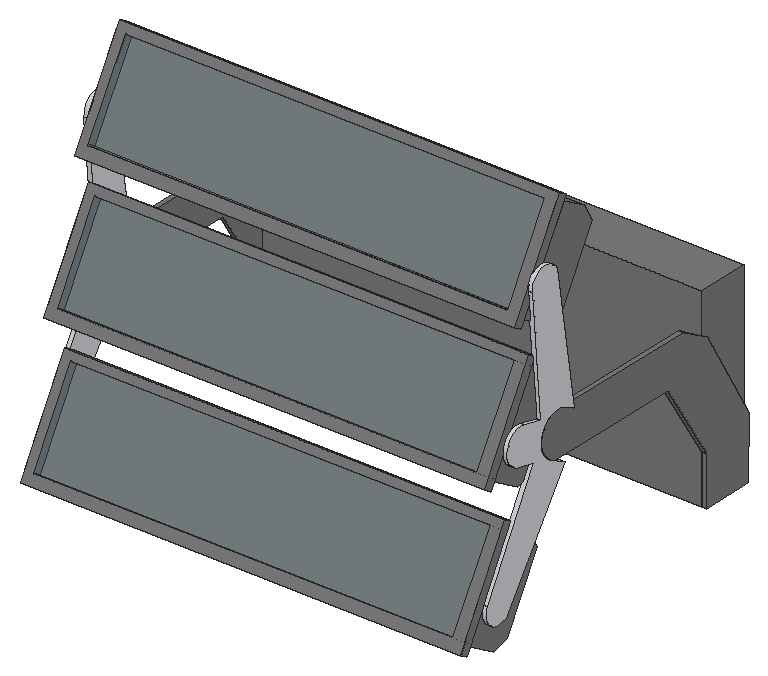
Revit family "Lighting-Proiezione-GEWISS-SPATIUMPRO3-PROIETTORI-LED_OTTICA-ASIMMETRICA_3MODULI", category Apparecchi per illuminazione, host Superficie, Revit 2019
Family settings
  Host = Superficie
  Quota connettore circolare = Usa diametro
  Tipo di parte = Normale
  Taglio con vuoti quando caricato = No
  Sorgente d'illuminazione = Sì
  Condiviso = Sì
  Punto di calcolo locali = Sì
Parameters (values of type "GWP3333AC857 - SPATIUM PRO 3M CL.I A2 CRI 80 5700K")
  larghezza lampada = Lugnezza massima - 24 mm  # 50 mm
  Wattage = 9.2903 W
  Viti esterne = "Acciaio inossidabile"
  Visibilità etichetta [instance] = yes
  Visibilità simbolo [instance] = yes
  Visibilità lampada in pianta [instance] = yes
  Versioni = "Luce fredda 5700K"
  Versione file RFA = "21.9"
  Variazione temperatura colore lampada con luminosità attenuata = (empty or 0)
  Vano di alimentazione = "Esterno"
  URL = "https://www.gewiss.com/it/it"
  Tolleranza cromatica = "SDCM = 5"
  Tipologia sorgente luminosa = "LED - Non sostituibile"
  Tipo di installazione e montaggio = "Torrefaro - Parete"
  Tipo di apparecchio = "Proiettore LED ad alta potenza"
  Tensione di alimentazione = "Secondo driver esterno"
  Temperatura di esercizio = "-25 +50 °C"
  Temperatura di colore = "5700 K"
  built-in parameter 1150107 = 3200 (stored number, unit not read)
  Superficie massima esposta al vento : = "0,36 m²"
  Spostamento_x_effettivo [instance] = 4000 mm - Spostamento_x  # 4000 mm
  Spostamento_x [instance] = 0 mm
  Spostamento_y_effettivo [instance] = 4000 mm - Spostamento_y  # 4000 mm
  Spostamento_y [instance] = 0 mm
  SostituibilitÃ  piastra di cablaggio = "Si"
  SostituibilitÃ  gruppo ottico = "Non disponibile"
  Sistema di controllo = "Secondo driver esterno"
  Schermo = "Vetro piano extrachiaro spessore 4mm"
  Scheda Tecnica = "https://www.gewiss.com/it/it/search?q=GWP3333AC857"
  Resistenza agli urti = "IK08"
  ROTAZIONE [instance] = 45
  Potenza di sistema = "1200 W"
  Peso (kg): = "30 "
  built-in parameter 1150110 = 1 (stored number, unit not read)
  built-in parameter 1150109 = 1 (stored number, unit not read)
  built-in parameter 1114218 = 1 (stored number, unit not read)
  built-in parameter 1150112 = 1 (stored number, unit not read)
  POSIZIONE = 80000  # constant formula
  Ottica = "Asimmetrica 60°"
  Norma di riferimento = "EN 60598-1; EN 60598-2-5; IEC/TR 62778; EN 62493"
  built-in parameter 1150142 = (empty or 0)
  built-in parameter 1150137 = (empty or 0)
  built-in parameter 1150132 = (empty or 0)
  Lumen output (lm) = "110000 "
  Lugnezza massima = 74 mm
  Default Elevation = 1219.2 mm
  Produttore = "GEWISS S.p.A."
  Modello = "GWP3333AC857"
  built-in parameter 1150105 = 109.82 (stored number, unit not read)
  built-in parameter 1150102 = (empty or 0)
  Indice di resa cromatica = "CRI 80"
  Inclinazione = "Rotazione su staffa con goniometro integrato"
  Immagine tipo = SPATIUMpro3.jpg
  built-in parameter 1150106 = 1.0982 (stored number, unit not read)
  IPEA = "GRANDI AREE = B // AREE VERDI = C"
  IDT = "4e21aac1-074c-4d31-a33b-02ce680b8879"
  IDF = "c7f285bc-60fc-4225-8b20-d1571106e39c"
  Guarnizioni = "silicone antinvecchiamento"
  Gruppo ottico = "lente T.I.R.Ex. in PMMA HT"
  Grado di protezione = "IP66"
  Garanzia = "5 anni"
  Frequenza nominale (Hz) = "Secondo driver esterno"
  Lumens = 1380 lm
  Fissaggio = "Staffa"
  Finitura colore = "Verniciato a polvere poliestere"
  Color Filter = 16777215
  File diagramma fotometrico = "generic"
  built-in parameter 1114217 = 1 (stored number, unit not read)
  built-in parameter 1150139 = (empty or 0)
  Failure rate alimentatore = "Secondo driver esterno"
  Emetti da lunghezza linea = 609.6 mm
  Efficienza luminosa (lm/W) = "92 "
  built-in parameter 1150104 = 13.8 (stored number, unit not read)
  Durata di vita = "L90B10(Tq25°C)>100.000h; L80B10(Tq25°C)>150.000h"
  Distanza dal host [instance] = 0 mm
  Dispositivo di protezione = "Secondo driver esterno"
  built-in parameter 1150115 = 1 (stored number, unit not read)
  built-in parameter 1150114 = 1 (stored number, unit not read)
  built-in parameter 1150113 = 1 (stored number, unit not read)
  Descrizione = "SPATIUM PRO 3M CL.I A2 CRI 80 5700K"
  Creato da GEWISS S.p.A. = ""
  Corpo = "Alluminio pressofuso"
  Controllo abbagliamento e luminanza = "ULOR = 0%"
  Contesto = "Illuminazione di grandi aree"
  built-in parameter 1150134 = 3
  built-in parameter 1150138 = (empty or 0)
  Colore = "Grigio grafite"
  Codice digitale univoco (Datamatrix) = "Attualmente non presente"
  Codice EAN = ""
  Classe isolamento = "I"
  Catalogo = "LIGHTING"
  Cablaggio = "Connettore stagno tra proiettore e gruppo alimentazione"
  COBie.Tagnumber = ""
  COBie.CreatedOn = ""
  COBie.CreatebBy = ""
  COBie.ComponentRegisterItemID = ""
  COBie.Component.TagNumber = ""
  COBie.Component.Space = ""
  COBie.Component.SerialNumber = ""
  COBie.Component.InstallationDate = ""
  COBie.Component.Description = ""
  COBie.Component.BarCode = ""
  Applicazione = "Interno / Esterno"
  Angolo inclinazione = 60.00°
  Alimentatore = "Da ordinare separatamente"
  built-in parameter 1150133 = 10 (stored number, unit not read)
Types (12, lengths in mm): name | Versioni | Temperatura di colore | Scheda Tecnica | Ottica | Lumen output (lm) | Modello | Indice di resa cromatica | IPEA | IDT | Efficienza luminosa (lm/W) | Descrizione
  GWP3333AB730 - SPATIUM PRO 3M CL.I A1 CRI 70 3000K | "Luce calda 3000K" | "3000 K" | "https://www.gewiss.com/it/it/search?q=GWP3333AB730" | "Asimmetrica 45°" | "130000 " | "GWP3333AB730" | "CRI70" | "GRANDI AREE = A+ // AREE VERDI = A" | "7f5e6446-d561-4a0f-8d2e-065c56652e4f" | "108 " | "SPATIUM PRO 3M CL.I A1 CRI 70 3000K"
  GWP3333AB740 - SPATIUM PRO 3M CL.I A1 CRI 70 4000K | "Luce naturale 4000K" | "4000 K" | "https://www.gewiss.com/it/it/search?q=GWP3333AB740" | "Asimmetrica 45°" | "138000 " | "GWP3333AB740" | "CRI70" | "GRANDI AREE = A++ // AREE VERDI = A" | "6bddb3c4-ed3b-4f19-9ebf-8780552e6242" | "115 " | "SPATIUM PRO 3M CL.I A1 CRI 70 4000K"
  GWP3333AB757 - SPATIUM PRO 3M CL.I A1 CRI 70 5700K | "Luce fredda 5700K" | "5700 K" | "https://www.gewiss.com/it/it/search?q=GWP3333AB757" | "Asimmetrica 45°" | "138000 " | "GWP3333AB757" | "CRI70" | "GRANDI AREE = A++ // AREE VERDI = A" | "7eb04ebd-2a07-4396-82ca-8aa8cd5ddb35" | "115 " | "SPATIUM PRO 3M CL.I A1 CRI 70 5700K"
  GWP3333AB830 - SPATIUM PRO 3M CL.I A1 CRI 80 3000K | "Luce calda 3000K" | "3000 K" | "https://www.gewiss.com/it/it/search?q=GWP3333AB830" | "Asimmetrica 45°" | "115000 " | "GWP3333AB830" | "CRI 80" | "GRANDI AREE = A // AREE VERDI = C" | "580c8b1d-7a49-4802-998e-b03b18c12617" | "96 " | "SPATIUM PRO 3M CL.I A1 CRI 80 3000K"
  GWP3333AB840 - SPATIUM PRO 3M CL.I A1 CRI 80 4000K | "Luce naturale 4000K" | "4000 K" | "https://www.gewiss.com/it/it/search?q=GWP3333AB840" | "Asimmetrica 45°" | "119000 " | "GWP3333AB840" | "CRI 80" | "GRANDI AREE = A // AREE VERDI = B" | "27b7ce1c-4ec1-40ea-8161-b1c73cd0ef73" | "99 " | "SPATIUM PRO 3M CL.I A1 CRI 80 4000K"
  GWP3333AB857 - SPATIUM PRO 3M CL.I A1 CRI 80 5700K | "Luce fredda 5700K" | "5700 K" | "https://www.gewiss.com/it/it/search?q=GWP3333AB857" | "Asimmetrica 45°" | "119000 " | "GWP3333AB857" | "CRI 80" | "GRANDI AREE = A // AREE VERDI = B" | "4b8fc385-97e5-4c02-b790-eabaaf47e57d" | "99 " | "SPATIUM PRO 3M CL.I A1 CRI 80 5700K"
  GWP3333AC730 - SPATIUM PRO 3M CL.I A2 CRI 70 3000K | "Luce calda 3000K" | "3000 K" | "https://www.gewiss.com/it/it/search?q=GWP3333AC730" | "Asimmetrica 60°" | "120000 " | "GWP3333AC730" | "CRI70" | "GRANDI AREE = A // AREE VERDI = B" | "530e658f-07ed-4a5b-b392-9f6f1d0a6b9c" | "100 " | "SPATIUM PRO 3M CL.I A2 CRI 70 3000K"
  GWP3333AC740 - SPATIUM PRO 3M CL.I A2 CRI 70 4000K | "Luce naturale 4000K" | "4000 K" | "https://www.gewiss.com/it/it/search?q=GWP3333AC740" | "Asimmetrica 60°" | "127500 " | "GWP3333AC740" | "CRI70" | "GRANDI AREE = A+ // AREE VERDI = B" | "5b91a3d8-0dae-4d49-8202-d0c20351cede" | "106 " | "SPATIUM PRO 3M CL.I A2 CRI 70 4000K"
  GWP3333AC757 - SPATIUM PRO 3M CL.I A2 CRI 70 5700K | "Luce fredda 5700K" | "5700 K" | "https://www.gewiss.com/it/it/search?q=GWP3333AC757" | "Asimmetrica 60°" | "127500 " | "GWP3333AC757" | "CRI70" | "GRANDI AREE = A+ // AREE VERDI = B" | "04e084d8-bd05-4fda-8ef4-91900b7e30cc" | "106 " | "SPATIUM PRO 3M CL.I A2 CRI 70 5700K"
  GWP3333AC830 - SPATIUM PRO 3M CL.I A2 CRI 80 3000K | "Luce calda 3000K" | "3000 K" | "https://www.gewiss.com/it/it/search?q=GWP3333AC830" | "Asimmetrica 60°" | "106000 " | "GWP3333AC830" | "CRI 80" | "GRANDI AREE = B // AREE VERDI = C" | "33150cc4-464c-4082-b05f-6e6d62be0bc8" | "88 " | "SPATIUM PRO 3M CL.I A2 CRI 80 3000K"
  GWP3333AC840 - SPATIUM PRO 3M CL.I A2 CRI 80 4000K | "Luce naturale 4000K" | "4000 K" | "https://www.gewiss.com/it/it/search?q=GWP3333AC840" | "Asimmetrica 60°" | "110000 " | "GWP3333AC840" | "CRI 80" | "GRANDI AREE = B // AREE VERDI = C" | "b4e5dafb-8d8a-4ee9-a01f-8439c01d0766" | "92 " | "SPATIUM PRO 3M CL.I A2 CRI 80 4000K"
  GWP3333AC857 - SPATIUM PRO 3M CL.I A2 CRI 80 5700K | "Luce fredda 5700K" | "5700 K" | "https://www.gewiss.com/it/it/search?q=GWP3333AC857" | "Asimmetrica 60°" | "110000 " | "GWP3333AC857" | "CRI 80" | "GRANDI AREE = B // AREE VERDI = C" | "4e21aac1-074c-4d31-a33b-02ce680b8879" | "92 " | "SPATIUM PRO 3M CL.I A2 CRI 80 5700K"
Reference planes
  plane 1 "Centro (Fronte/Retro)": y = 0
  plane 2: z = 0
  plane 3 "Centro (Sinistra/Destra)": x = 0
  plane 4: x = -4000
  plane 5: x = 0
  plane 6: x = 0
  plane 7: y = -4000
  plane 8: y = 0
  plane 9 "a": through (0, -290.182, 34.975) normal (0, -0.7071, 0.7071)
  plane 10: through (-235.047, -128.222, 1219.2) normal (-0.9563, 0.2924, 0)
  plane 11: through (-40, -89.462, 1219.2) normal (0.1564, 0.9877, 0)
  plane 12: through (239.503, 190.64, 1219.2) normal (0.9563, -0.2924, 0)
Dimensions and locks
  plane 4 to plane 3 "Centro (Sinistra/Destra)" = 4000 mm  (x2)
  "Spostamento_x_effettivo": plane 4 to plane 5
  "Spostamento_x_effettivo": plane 6 to plane 4
  "Spostamento_y_effettivo": plane 8 to plane 7
  plane 1 "Centro (Fronte/Retro)" to plane 7 = 4000 mm
  angle plane 11 to plane 12 = 82.00°  (x2)
  angle plane 10 to plane 11 = 98.00°
  aligned and locked: plane 2 to host face
  aligned and locked: level to host face
  aligned and locked: plane 6 to nested 1
  aligned and locked: nested 1 to plane 8
  aligned and locked: plane 8 to nested 2
  aligned and locked: imposter light to nested 2
Automatic sketch dimensions
  host sketch curve to host sketch curve = 2438.4 mm  (x2)
Nested families
  nested 1: "Etichetta light" at (0, 0, 0), visible <- "Visibilità etichetta", type "Etichetta light"
  nested 2: "STADIUM PRO 3_led" at (0, -90, 0), type "STADIUM PRO 3_led"
Definition of nested family "STADIUM PRO 3_led"
  Parameters (values of type "STADIUM PRO 3_led")
    led = none
    l_proiettore = 772 mm
    h_lampada = 58 mm
    Finitura struttura = none
  Reference planes
    plane 1 "Centro (Fronte/Retro)": y = 0
    plane 2: z = 0
    plane 3 "Centro (Sinistra/Destra)": x = 0
    plane 4: x = 386
    plane 5: x = 378
    plane 6: x = -386
    plane 7: x = -378
    plane 8: y = 90
  Forms (mm)
    Extrusion 1, solid, material <- "Finitura struttura"
      sketch origin (0, 0, 0) x (0, 1, 0) y (0, 0, -1)
        loop
          arc (-316.352, -217.267) -> (-353.722, -254.637) -> (-316.352, -292.007) r 37.37
          line (-316.352, -292.007) -> (-48.852, -292.007) -> (0, -263.802) -> (90, -107.918) -> (90, 0) -> (0, 0) -> (0, -85) -> (-82.649, -217.267) -> (-316.352, -217.267)
      from 378 to 386
    Extrusion 2, solid, material <- "Finitura struttura"
      sketch origin (0, 0, 0) x (1, 0, 0) y (0, 1, 0)
        loop
          line (378, 0) -> (378, 90) -> (-378, 90) -> (-378, 0) -> (378, 0)
      from 0 to 333
    Extrusion 3, solid, material <- "Finitura struttura"
      sketch origin (0, 0, 0) x (0, 1, 0) y (0, 0, 1)
        loop
          line (-316.352, 217.267) -> (-82.649, 217.267) -> (0, 85) -> (0, 0) -> (90, 0) -> (90, 107.918) -> (0, 263.802) -> (-48.852, 292.007) -> (-316.352, 292.007)
          arc (-316.352, 292.007) -> (-353.722, 254.637) -> (-316.352, 217.267) r 37.37
      from 378 to 386
    Extrusion 4, solid, material <- "led"
      sketch origin (0, 1268.525, -1383.744) x (0, 0.866025, -0.5) y (0, 0.5, 0.866025)
        loop
          line (-2238.14, 322.274) -> (-2223.14, 322.274) -> (-2223.14, 482.274) -> (-2238.14, 482.274) -> (-2238.14, 322.274)
      from -378 to 378
    Extrusion 5, solid, material <- "Finitura struttura"
      sketch origin (0, 1262.235, -1379.076) x (0, 0.866025, -0.5) y (0, 0.5, 0.866025)
        loop
          line (-2215.359, 316.368) -> (-2156.261, 316.368) -> (-2135.048, 337.581) -> (-2135.048, 467.581) -> (-2165.359, 485.081) -> (-2215.359, 485.081) -> (-2215.359, 316.368)
      from -378 to 378
    Extrusion 6, solid, material <- "Finitura struttura"
      sketch origin (0, -28.39, -231.475) x (1, 0, 0) y (0, 0.5, 0.866025)
        loop
          line (-378, 146.542) -> (-378, -45.315) -> (378, -45.315) -> (378, 146.542) -> (-378, 146.542)
        loop
          line (-362.033, 132.837) -> (-362.033, -27.163) -> (357.967, -27.163) -> (357.967, 132.837) -> (-362.033, 132.837)
      from 523.844 to 538.844
    Extrusion 7, solid, material <- "Finitura struttura", not visible
      sketch origin (0, 1866.103, -348.539) x (0, 1, 0) y (0, 0, 1)
        loop
          line (-2215.359, 316.368) -> (-2156.261, 316.368) -> (-2135.048, 337.581) -> (-2135.048, 467.581) -> (-2165.359, 485.081) -> (-2215.359, 485.081) -> (-2215.359, 316.368)
      from -378 to 378
    Extrusion 8, solid, material <- "Finitura struttura", not visible
      sketch origin (0, 0, 0) x (1, 0, 0) y (0, 0, 1)
        loop
          line (-378, 146.542) -> (-378, -45.315) -> (378, -45.315) -> (378, 146.542) -> (-378, 146.542)
        loop
          line (-362.033, 132.837) -> (-362.033, -27.163) -> (357.967, -27.163) -> (357.967, 132.837) -> (-362.033, 132.837)
      from 349.256 to 364.256
    Extrusion 9, solid, material <- "Finitura struttura"
      sketch origin (0, 1313.7, -1147.467) x (0, 0.866025, -0.5) y (0, 0.5, 0.866025)
        loop
          line (-2215.359, 316.368) -> (-2156.261, 316.368) -> (-2135.048, 337.581) -> (-2135.048, 467.581) -> (-2165.359, 485.081) -> (-2215.359, 485.081) -> (-2215.359, 316.368)
      from -378 to 378
    Extrusion 10, solid, material <- "Finitura struttura"
      sketch origin (0, -128.124, 87.428) x (1, 0, 0) y (0, 0.5, 0.866025)
        loop
          line (-378, 146.542) -> (-378, -45.315) -> (378, -45.315) -> (378, 146.542) -> (-378, 146.542)
        loop
          line (-362.033, 132.837) -> (-362.033, -27.163) -> (357.967, -27.163) -> (357.967, 132.837) -> (-362.033, 132.837)
      from 349.256 to 364.256
    Extrusion 11, solid, material <- "Finitura struttura"
      sketch origin (0, 1379.031, -926.749) x (0, 0.866025, -0.5) y (0, 0.5, 0.866025)
        loop
          line (-2215.359, 316.368) -> (-2156.261, 316.368) -> (-2135.048, 337.581) -> (-2135.048, 467.581) -> (-2165.359, 485.081) -> (-2215.359, 485.081) -> (-2215.359, 316.368)
      from -378 to 378
    Extrusion 12, solid, material <- "Finitura struttura"
      sketch origin (0, -62.793, 308.146) x (1, 0, 0) y (0, 0.5, 0.866025)
        loop
          line (-378, 146.542) -> (-378, -45.315) -> (378, -45.315) -> (378, 146.542) -> (-378, 146.542)
        loop
          line (-362.033, 132.837) -> (-362.033, -27.163) -> (357.967, -27.163) -> (357.967, 132.837) -> (-362.033, 132.837)
      from 349.256 to 364.256
    Extrusion 13, solid, material <- "led", not visible
      sketch origin (0, 1873.885, -376.937) x (0, 1, 0) y (0, 0, 1)
        loop
          line (-2238.14, 322.274) -> (-2223.14, 322.274) -> (-2223.14, 482.274) -> (-2238.14, 482.274) -> (-2238.14, 322.274)
      from -378 to 378
    Extrusion 14, solid, material <- "Finitura struttura", not visible
      sketch origin (0, 1866.103, -376.039) x (0, 1, 0) y (0, 0, 1)
        loop
          line (-2215.359, 316.368) -> (-2156.261, 316.368) -> (-2135.048, 337.581) -> (-2135.048, 467.581) -> (-2165.359, 485.081) -> (-2215.359, 485.081) -> (-2215.359, 316.368)
      from -378 to 378
    Extrusion 15, solid, material <- "Finitura struttura", not visible
      sketch origin (0, 0, -27.5) x (1, 0, 0) y (0, 0, 1)
        loop
          line (-378, 146.542) -> (-378, -45.315) -> (378, -45.315) -> (378, 146.542) -> (-378, 146.542)
        loop
          line (-362.033, 132.837) -> (-362.033, -27.163) -> (357.967, -27.163) -> (357.967, 132.837) -> (-362.033, 132.837)
      from 349.256 to 364.256
    Extrusion 16, solid, material <- "Finitura struttura", not visible
      sketch origin (0, 1794.869, -149.727) x (0, 1, 0) y (0, 0, 1)
        loop
          line (-2215.359, 316.368) -> (-2156.261, 316.368) -> (-2135.048, 337.581) -> (-2135.048, 467.581) -> (-2165.359, 485.081) -> (-2215.359, 485.081) -> (-2215.359, 316.368)
      from -378 to 378
    Extrusion 17, solid, material <- "Finitura struttura", not visible
      sketch origin (0, -71.234, 198.812) x (1, 0, 0) y (0, 0, 1)
        loop
          line (-378, 146.542) -> (-378, -45.315) -> (378, -45.315) -> (378, 146.542) -> (-378, 146.542)
        loop
          line (-362.033, 132.837) -> (-362.033, -27.163) -> (357.967, -27.163) -> (357.967, 132.837) -> (-362.033, 132.837)
      from 349.256 to 364.256
    Extrusion 18, solid, material <- "Finitura struttura", not visible
      sketch origin (0, 1741.088, 74.086) x (0, 1, 0) y (0, 0, 1)
        loop
          line (-2215.359, 316.368) -> (-2156.261, 316.368) -> (-2135.048, 337.581) -> (-2135.048, 467.581) -> (-2165.359, 485.081) -> (-2215.359, 485.081) -> (-2215.359, 316.368)
      from -378 to 378
    Extrusion 19, solid, material <- "Finitura struttura", not visible
      sketch origin (0, -125.015, 422.625) x (1, 0, 0) y (0, 0, 1)
        loop
          line (-378, 146.542) -> (-378, -45.315) -> (378, -45.315) -> (378, 146.542) -> (-378, 146.542)
        loop
          line (-362.033, 132.837) -> (-362.033, -27.163) -> (357.967, -27.163) -> (357.967, 132.837) -> (-362.033, 132.837)
      from 349.256 to 364.256
    Extrusion 20, solid, material <- "led", not visible
      sketch origin (0, 1268.525, -1383.744) x (0, 0.866025, -0.5) y (0, 0.5, 0.866025)
        loop
          line (-2238.14, 322.274) -> (-2223.14, 322.274) -> (-2223.14, 482.274) -> (-2238.14, 482.274) -> (-2238.14, 322.274)
      from -378 to 378
    Extrusion 21, solid, material <- "Finitura struttura", not visible
      sketch origin (0, 1262.235, -1379.076) x (0, 0.866025, -0.5) y (0, 0.5, 0.866025)
        loop
          line (-2215.359, 316.368) -> (-2156.261, 316.368) -> (-2135.048, 337.581) -> (-2135.048, 467.581) -> (-2165.359, 485.081) -> (-2215.359, 485.081) -> (-2215.359, 316.368)
      from -378 to 378
    Extrusion 22, solid, material <- "Finitura struttura", not visible
      sketch origin (0, -28.39, -231.475) x (1, 0, 0) y (0, 0.5, 0.866025)
        loop
          line (-378, 146.542) -> (-378, -45.315) -> (378, -45.315) -> (378, 146.542) -> (-378, 146.542)
        loop
          line (-362.033, 132.837) -> (-362.033, -27.163) -> (357.967, -27.163) -> (357.967, 132.837) -> (-362.033, 132.837)
      from 523.844 to 538.844
    Extrusion 23, solid, material <- "Finitura struttura", not visible
      sketch origin (0, 1379.031, -926.749) x (0, 0.866025, -0.5) y (0, 0.5, 0.866025)
        loop
          line (-2215.359, 316.368) -> (-2156.261, 316.368) -> (-2135.048, 337.581) -> (-2135.048, 467.581) -> (-2165.359, 485.081) -> (-2215.359, 485.081) -> (-2215.359, 316.368)
      from -378 to 378
    Extrusion 24, solid, material <- "Finitura struttura", not visible
      sketch origin (0, -62.793, 308.146) x (1, 0, 0) y (0, 0.5, 0.866025)
        loop
          line (-378, 146.542) -> (-378, -45.315) -> (378, -45.315) -> (378, 146.542) -> (-378, 146.542)
        loop
          line (-362.033, 132.837) -> (-362.033, -27.163) -> (357.967, -27.163) -> (357.967, 132.837) -> (-362.033, 132.837)
      from 349.256 to 364.256
    Extrusion 25, solid, material <- "led"
      sketch origin (0, 1319.99, -1152.136) x (0, 0.866025, -0.5) y (0, 0.5, 0.866025)
        loop
          line (-2238.14, 322.274) -> (-2223.14, 322.274) -> (-2223.14, 482.274) -> (-2238.14, 482.274) -> (-2238.14, 322.274)
      from -378 to 378
    Extrusion 26, solid, material <- "led"
      sketch origin (0, 1386.433, -929.491) x (0, 0.866025, -0.5) y (0, 0.5, 0.866025)
        loop
          line (-2238.14, 322.274) -> (-2223.14, 322.274) -> (-2223.14, 482.274) -> (-2238.14, 482.274) -> (-2238.14, 322.274)
      from -378 to 378
  Dimensions and locks
    locked: plane 5 to plane 4 at 8
    equal spacing: plane 6, plane 3 "Centro (Sinistra/Destra)", plane 4
    "l_proiettore": plane 6 to plane 4
    locked: plane 6 to plane 7 at 8
    locked: plane 1 "Centro (Fronte/Retro)" to plane 8 at 90
    plane 6 to plane 7 = 8 mm
    aligned and locked: level to plane 2
    aligned and locked: Extrusion 1 to plane 7
    aligned and locked: plane 6 to Extrusion 1
    aligned and locked: Extrusion 2 sketch curve to plane 7
    aligned and locked: Extrusion 2 sketch curve to plane 5
    aligned and locked: plane 1 "Centro (Fronte/Retro)" to Extrusion 2
    aligned and locked: plane 8 to Extrusion 2
    aligned and locked: Extrusion 3 to plane 4
    aligned and locked: plane 5 to Extrusion 3
    aligned and locked: plane 4 to nested 1
    aligned and locked: plane 7 to Extrusion 4
    aligned and locked: Extrusion 4 to plane 5
    aligned and locked: Extrusion 5 to Extrusion 1
    aligned and locked: Extrusion 5 to plane 5
    aligned and locked: Extrusion 6 to Extrusion 4  (x2)
    aligned and locked: Extrusion 4 sketch curve to Extrusion 6  (x2)
    aligned and locked: Extrusion 13 sketch curve to Extrusion 15  (x2)
    aligned and locked: Extrusion 20 sketch curve to Extrusion 22  (x2)
  Automatic sketch dimensions
    Extrusion 7 sketch curve to Extrusion 7 sketch curve = 21.213 mm  (x2)
    Extrusion 7 sketch curve to Extrusion 7 sketch curve = 17.5 mm
    Extrusion 8 sketch curve to Extrusion 8 sketch curve = 18.152 mm
    Extrusion 8 sketch curve to Extrusion 8 sketch curve = 13.704 mm
    Extrusion 7 sketch curve to Extrusion 7 sketch curve = 50 mm
    Extrusion 7 sketch curve to Extrusion 7 sketch curve = 59.098 mm
    Extrusion 7 sketch curve to Extrusion 7 sketch curve = 130 mm
    Extrusion 8 sketch curve to Extrusion 8 sketch curve = 15.967 mm
    Extrusion 8 sketch curve to Extrusion 8 sketch curve = 720 mm
    Extrusion 8 sketch curve to Extrusion 8 sketch curve = 20.033 mm
    Extrusion 8 sketch curve to Extrusion 8 sketch curve = 160 mm
    Extrusion 14 sketch curve to Extrusion 14 sketch curve = 21.213 mm  (x2)
    Extrusion 14 sketch curve to Extrusion 14 sketch curve = 17.5 mm
    Extrusion 15 sketch curve to Extrusion 15 sketch curve = 18.152 mm
    Extrusion 15 sketch curve to Extrusion 15 sketch curve = 13.704 mm
    Extrusion 14 sketch curve to Extrusion 14 sketch curve = 50 mm
    Extrusion 14 sketch curve to Extrusion 14 sketch curve = 59.098 mm
    Extrusion 14 sketch curve to Extrusion 14 sketch curve = 130 mm
    Extrusion 15 sketch curve to Extrusion 15 sketch curve = 15.967 mm
    Extrusion 15 sketch curve to Extrusion 15 sketch curve = 720 mm
    Extrusion 15 sketch curve to Extrusion 15 sketch curve = 20.033 mm
    Extrusion 15 sketch curve to Extrusion 15 sketch curve = 160 mm
    Extrusion 16 sketch curve to Extrusion 16 sketch curve = 21.213 mm  (x2)
    Extrusion 16 sketch curve to Extrusion 16 sketch curve = 17.5 mm
    Extrusion 17 sketch curve to Extrusion 17 sketch curve = 18.152 mm
    Extrusion 17 sketch curve to Extrusion 17 sketch curve = 13.704 mm
    Extrusion 16 sketch curve to Extrusion 16 sketch curve = 50 mm
    Extrusion 16 sketch curve to Extrusion 16 sketch curve = 59.098 mm
    Extrusion 16 sketch curve to Extrusion 16 sketch curve = 130 mm
    Extrusion 17 sketch curve to Extrusion 17 sketch curve = 15.967 mm
    Extrusion 17 sketch curve to Extrusion 17 sketch curve = 720 mm
    Extrusion 17 sketch curve to Extrusion 17 sketch curve = 20.033 mm
    Extrusion 17 sketch curve to Extrusion 17 sketch curve = 160 mm
    Extrusion 18 sketch curve to Extrusion 18 sketch curve = 21.213 mm  (x2)
    Extrusion 18 sketch curve to Extrusion 18 sketch curve = 17.5 mm
    Extrusion 19 sketch curve to Extrusion 19 sketch curve = 18.152 mm
    Extrusion 19 sketch curve to Extrusion 19 sketch curve = 13.704 mm
    Extrusion 18 sketch curve to Extrusion 18 sketch curve = 50 mm
    Extrusion 18 sketch curve to Extrusion 18 sketch curve = 59.098 mm
    Extrusion 18 sketch curve to Extrusion 18 sketch curve = 130 mm
    Extrusion 19 sketch curve to Extrusion 19 sketch curve = 15.967 mm
    Extrusion 19 sketch curve to Extrusion 19 sketch curve = 720 mm
    Extrusion 19 sketch curve to Extrusion 19 sketch curve = 20.033 mm
    Extrusion 19 sketch curve to Extrusion 19 sketch curve = 160 mm
    Extrusion 13 sketch curve to Extrusion 13 sketch curve = 15 mm
    Extrusion 21 sketch curve to Extrusion 21 sketch curve = 21.213 mm  (x2)
    Extrusion 21 sketch curve to Extrusion 21 sketch curve = 17.5 mm
    Extrusion 22 sketch curve to Extrusion 22 sketch curve = 18.152 mm
    Extrusion 22 sketch curve to Extrusion 22 sketch curve = 13.704 mm
    Extrusion 21 sketch curve to Extrusion 21 sketch curve = 50 mm
    Extrusion 21 sketch curve to Extrusion 21 sketch curve = 59.098 mm
    Extrusion 21 sketch curve to Extrusion 21 sketch curve = 130 mm
    Extrusion 22 sketch curve to Extrusion 22 sketch curve = 15.967 mm
    Extrusion 22 sketch curve to Extrusion 22 sketch curve = 720 mm
    Extrusion 22 sketch curve to Extrusion 22 sketch curve = 20.033 mm
    Extrusion 22 sketch curve to Extrusion 22 sketch curve = 160 mm
    Extrusion 23 sketch curve to Extrusion 23 sketch curve = 21.213 mm  (x2)
    Extrusion 23 sketch curve to Extrusion 23 sketch curve = 17.5 mm
    Extrusion 24 sketch curve to Extrusion 24 sketch curve = 18.152 mm
    Extrusion 24 sketch curve to Extrusion 24 sketch curve = 13.704 mm
    Extrusion 23 sketch curve to Extrusion 23 sketch curve = 50 mm
    Extrusion 23 sketch curve to Extrusion 23 sketch curve = 59.098 mm
    Extrusion 23 sketch curve to Extrusion 23 sketch curve = 130 mm
    Extrusion 24 sketch curve to Extrusion 24 sketch curve = 15.967 mm
    Extrusion 24 sketch curve to Extrusion 24 sketch curve = 720 mm
    Extrusion 24 sketch curve to Extrusion 24 sketch curve = 20.033 mm
    Extrusion 24 sketch curve to Extrusion 24 sketch curve = 160 mm
    Extrusion 20 sketch curve to Extrusion 20 sketch curve = 15 mm
    Extrusion 1 sketch curve to plane 1 "Centro (Fronte/Retro)" = 0 mm  (x2)
    Extrusion 1 sketch curve to level = 0 mm
    Extrusion 1 sketch curve to plane 8 = 0 mm
    plane 1 "Centro (Fronte/Retro)" to Extrusion 1 sketch curve = 48.852 mm
    Extrusion 1 sketch curve to Extrusion 1 sketch curve = 33.798 mm
    Extrusion 1 sketch curve to Extrusion 1 sketch curve = 233.702 mm
    level to Extrusion 1 sketch curve = 85 mm
    Extrusion 1 sketch curve to Extrusion 1 sketch curve = 22.918 mm
    Extrusion 1 sketch curve to Extrusion 1 sketch curve = 132.267 mm
    Extrusion 1 sketch curve to Extrusion 1 sketch curve = 37.37 mm
    Extrusion 1 sketch curve to Extrusion 1 sketch curve = 28.204 mm
    plane 1 "Centro (Fronte/Retro)" to Extrusion 2 sketch curve = 0 mm
    Extrusion 2 sketch curve to plane 8 = 0 mm
    Extrusion 3 sketch curve to plane 1 "Centro (Fronte/Retro)" = 0 mm  (x2)
    Extrusion 3 sketch curve to level = 0 mm
    Extrusion 3 sketch curve to plane 8 = 0 mm
    plane 1 "Centro (Fronte/Retro)" to Extrusion 3 sketch curve = 48.852 mm
    Extrusion 3 sketch curve to Extrusion 3 sketch curve = 33.798 mm
    Extrusion 3 sketch curve to Extrusion 3 sketch curve = 233.702 mm
    level to Extrusion 3 sketch curve = 85 mm
    Extrusion 3 sketch curve to Extrusion 3 sketch curve = 22.918 mm
    level to Extrusion 3 sketch curve = 217.267 mm
    Extrusion 3 sketch curve to Extrusion 3 sketch curve = 37.37 mm
    Extrusion 3 sketch curve to Extrusion 3 sketch curve = 28.204 mm
    level to Extrusion 4 sketch curve = 152.988 mm
    Extrusion 4 sketch curve to Extrusion 4 sketch curve = 15 mm
    level to Extrusion 5 sketch curve = 2.586 mm
    plane 1 "Centro (Fronte/Retro)" to Extrusion 5 sketch curve = 498.139 mm
    Extrusion 5 sketch curve to Extrusion 5 sketch curve = 50 mm
    Extrusion 5 sketch curve to Extrusion 5 sketch curve = 59.098 mm
    Extrusion 5 sketch curve to Extrusion 5 sketch curve = 21.213 mm  (x2)
    Extrusion 5 sketch curve to Extrusion 5 sketch curve = 130 mm
    Extrusion 5 sketch curve to Extrusion 5 sketch curve = 17.5 mm
    Extrusion 6 sketch curve to plane 7 = 0 mm
    Extrusion 6 sketch curve to plane 5 = 0 mm
    Extrusion 6 sketch curve to plane 7 = 15.967 mm
    plane 5 to Extrusion 6 sketch curve = 20.033 mm
    Extrusion 6 sketch curve to Extrusion 6 sketch curve = 18.152 mm
    Extrusion 6 sketch curve to Extrusion 6 sketch curve = 160 mm
    Extrusion 6 sketch curve to Extrusion 6 sketch curve = 13.704 mm
    level to Extrusion 9 sketch curve = 234.195 mm
    plane 1 "Centro (Fronte/Retro)" to Extrusion 9 sketch curve = 446.674 mm
    Extrusion 9 sketch curve to Extrusion 9 sketch curve = 50 mm
    Extrusion 9 sketch curve to Extrusion 9 sketch curve = 59.098 mm
    Extrusion 9 sketch curve to Extrusion 9 sketch curve = 21.213 mm  (x2)
    Extrusion 9 sketch curve to Extrusion 9 sketch curve = 130 mm
    Extrusion 9 sketch curve to Extrusion 9 sketch curve = 17.5 mm
    Extrusion 10 sketch curve to plane 7 = 0 mm
    Extrusion 10 sketch curve to plane 5 = 0 mm
    Extrusion 10 sketch curve to plane 7 = 15.967 mm
    plane 5 to Extrusion 10 sketch curve = 20.033 mm
    Extrusion 10 sketch curve to Extrusion 10 sketch curve = 18.152 mm
    Extrusion 10 sketch curve to Extrusion 10 sketch curve = 160 mm
    Extrusion 10 sketch curve to Extrusion 10 sketch curve = 13.704 mm
    plane 1 "Centro (Fronte/Retro)" to Extrusion 11 sketch curve = 381.342 mm
    level to Extrusion 11 sketch curve = 454.913 mm
    Extrusion 11 sketch curve to Extrusion 11 sketch curve = 50 mm
    Extrusion 11 sketch curve to Extrusion 11 sketch curve = 59.098 mm
    Extrusion 11 sketch curve to Extrusion 11 sketch curve = 21.213 mm  (x2)
    Extrusion 11 sketch curve to Extrusion 11 sketch curve = 130 mm
    Extrusion 11 sketch curve to Extrusion 11 sketch curve = 17.5 mm
    Extrusion 12 sketch curve to plane 7 = 0 mm
    Extrusion 12 sketch curve to plane 5 = 0 mm
    Extrusion 12 sketch curve to plane 7 = 15.967 mm
    plane 5 to Extrusion 12 sketch curve = 20.033 mm
    Extrusion 12 sketch curve to Extrusion 12 sketch curve = 18.152 mm
    Extrusion 12 sketch curve to Extrusion 12 sketch curve = 160 mm
    Extrusion 12 sketch curve to Extrusion 12 sketch curve = 13.704 mm
    plane 1 "Centro (Fronte/Retro)" to Extrusion 25 sketch curve = 377.16 mm
    level to Extrusion 25 sketch curve = 384.596 mm
    Extrusion 25 sketch curve to Extrusion 25 sketch curve = 15 mm
    Extrusion 25 sketch curve to Extrusion 25 sketch curve = 160 mm
    plane 1 "Centro (Fronte/Retro)" to Extrusion 26 sketch curve = 310.717 mm
    level to Extrusion 26 sketch curve = 607.241 mm
    Extrusion 26 sketch curve to Extrusion 26 sketch curve = 15 mm
    Extrusion 26 sketch curve to Extrusion 26 sketch curve = 160 mm
  Nested families
    nested 1: "STADIUM PRO 3_led_griglia" at (386, -353.722, -71.791) x (-1, 0, 0) z (0, 0, 1), type "STADIUM PRO 3_led_griglia"
    nested 2: "STADIUM PRO 3_led_griglia" at (-386, -351.222, -72.839), type "STADIUM PRO 3_led_griglia"
    nested 3: "STADIUM PRO 3_led_griglia" at (386, -353.722, -89.291) x (-1, 0, 0) z (0, 0, 1), type "STADIUM PRO 3_led_griglia", not visible
  Definition of nested family "STADIUM PRO 3_led_griglia"
    Parameters (values of type "STADIUM PRO 3_led_griglia")
      led = none
      l_proiettore = 772 mm
      h_lampada = 58 mm
      Finitura struttura = none
    Reference planes
      plane 1 "Centro (Fronte/Retro)": y = 0
      plane 2: z = 0
      plane 3 "Centro (Sinistra/Destra)": x = 0
      plane 4: z = 254.637
      plane 5: x = 8
      plane 6: y = -1611.166
    Forms (mm)
      Extrusion 1, solid
        sketch origin (0, -347.045, 155.161) x (0, -0.87462, -0.48481) y (0, 0.48481, -0.87462)
          loop
            line (-481.926, -221.779) -> (-337.46, -36.872) -> (-356.574, -36.872)
            arc (-356.574, -36.872) -> (-393.653, 0.207) -> (-356.574, 37.286) r 37.079
            line (-356.574, 37.286) -> (-319.987, 37.286) -> (-338.868, 253.098)
            arc (-338.868, 253.098) -> (-366.835, 274.557) -> (-390.65, 248.568) r 26.089
            line (-390.65, 248.568) -> (-390.65, 46.034) -> (-424.457, 55.092)
            arc (-424.457, 55.092) -> (-462.1, 33.359) -> (-440.367, -4.284) r 30.735
            line (-440.367, -4.284) -> (-405.737, -13.563) -> (-520.298, -183.407)
            arc (-520.298, -183.407) -> (-516.928, -218.409) -> (-481.926, -221.779) r 27.641
        from 0 to 8
    Dimensions and locks
      plane 3 "Centro (Sinistra/Destra)" to plane 5 = 8 mm
      aligned and locked: level to plane 2
Definition of nested family "Etichetta light"
  Parameters (values of type "ETICHETTA LIGHT")
    COMMENTI = "330W"
  Reference planes
    plane 1: y = 0
    plane 2: x = 0
  Text (mm)
    label "COMMENTI" at (-0.057, 0.105, 0), shows "COMMENTI"
